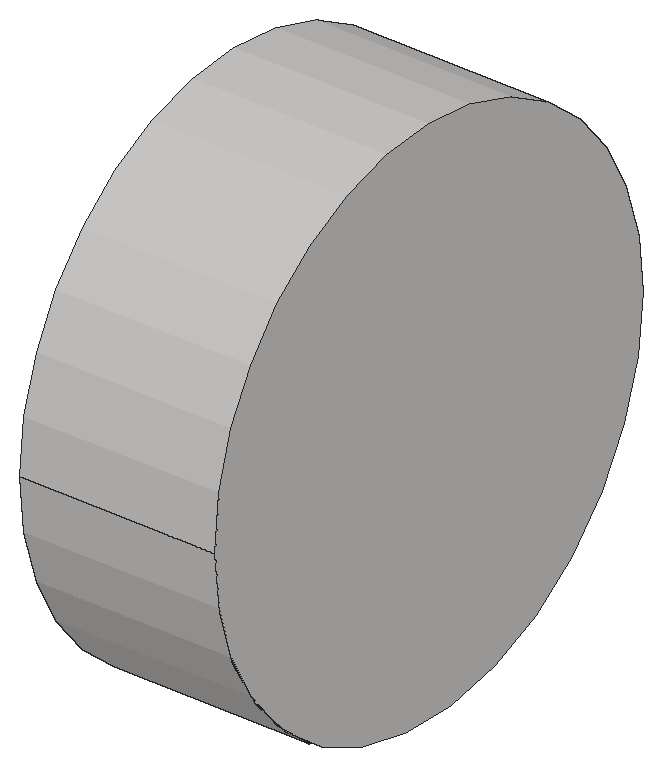
Revit family "Couplings-Regular-Champion_Couplings-No_Hub-MI-HUB_Series", category Pipe Fittings, Revit 2019
Family settings
  Round Connector Dimension = Use Diameter
  Part Type = Union
  OmniClass Number = 23.60.30.11.14
  OmniClass Title = Pipework Fittings
  Work Plane-Based = No
  Always vertical = Yes
  Cut with Voids When Loaded = No
  Shared = Yes
Parameters (values of type "MI-QHUB-10")
  Waste Connection = no
  Warranty Information = "1 Year Warranty"  # constant formula
  Vent Connection = no
  URL = "http://www.mifab.com"
  Tick Size = Fitting Outside Diameter * 0.4  # 4.400"
  Standard Listings & Approval = "CSA Approved, U.P.C. Approved"  # constant formula
  Product Page URL = "http://www.mifab.com/Catalog/No_Hub_Couplings/MI-HUB_-_Regular_Shielded_No_Hub_Couplings/index.html"
  Product Documentation Link = "http://www.mifab.com/Catalog/Library/MI-HUB-spec_sheet.pdf"
  Price = "Prices may vary. Please consult Manufacturer Representative for most up-to-date price list."  # constant formula
  Pipe Size Description = "10\""
  Pipe Outlet Connection Diameter = 10.000"
  Pipe Inlet Connection Diameter = 10.000"
  Pallet Quantity = "288"
  Number of Clamps Per Coupling = "4"
  Nominal Diameter = Pipe Inlet Connection Diameter * 0.875  # 8.750"
  Model = "MI-HUB"
  Material = "Metal-Champion Couplings-Stainless Steel"  # constant formula
  Masking Reg 2 = no
  Masking Reg 1 = yes
  Manufacturer = "Champion Couplings"  # constant formula
  List Price (Each Piece) = 141.8
  Installation Torque (IN. - LBS) = "60"
  Nominal Height = Height  # 4.000"
  Height = 4.000"
  HW Connection = no
  Fitting Outside Diameter = 11.000"
  Description = "MIFAB® Series MI-HUB (specify size) no hub couplings are manufactured with gaskets made from an elastomeric compound that meets the requirements of ASTM C-564 housed inside a Type 301 stainless steel corrugated shield. Two (2” through 4” size), four (6” through 10” size) or six (12” and 15” sizes) Type 301 stainless steel clamps tightened with 5/16” Type 305 stainless steel hex head screws surround the shield to provide the sealing force. MI-HUB Series Couplings are tested and certified to the ASTM-C1277-2009a, CISPI 310-2010, and CSA B602-2010 (File # 247608) Standards and are listed with IAPMO. Also tested and certified by Intertek Testing Services to CAN/ULC S102.2-07 “Smoke Test.”"  # constant formula
  Creation Date = "\"2/17/2016\""
  Carton Quantity = "12"
  CW Connection = yes
  Assembly Code = "D2090800"
Types (10): name | Tick Size | Pipe Size Description | Pipe Outlet Connection Diameter | Pipe Inlet Connection Diameter | Pallet Quantity | Number of Clamps Per Coupling | Nominal Diameter | List Price (Each Piece) | Nominal Height | Height | Fitting Outside Diameter | Carton Quantity
  (no name) | 4.400" | "10\"" | 10.000" | 10.000" | "288" | "4" | 8.750" | 141.8 | 4.000" | 4.000" | 11.000" | "12"
  MI-QHUB-2 | 0.880" | "2\"" | 2.000" | 2.000" | "6300" | "2" | 1.750" | 15.9 | 2.125" | 2.125" | 2.200" | "100"
  MI-QHUB-3 | 1.320" | "3\"" | 3.000" | 3.000" | "3200" | "2" | 2.625" | 19 | 2.125" | 2.125" | 3.300" | "100"
  MI-QHUB-4 | 1.760" | "4\"" | 4.000" | 4.000" | "2400" | "2" | 3.500" | 22.45 | 2.125" | 2.125" | 4.400" | "100"
  MI-QHUB-5 | 2.200" | "5\"" | 5.000" | 5.000" | "960" | "4" | 4.375" | 54.6 | 3.000" | 3.000" | 5.500" | "20"
  MI-QHUB-6 | 2.640" | "6\"" | 6.000" | 6.000" | "875" | "4" | 5.250" | 56.9 | 3.000" | 3.000" | 6.600" | "25"
  MI-QHUB-8 | 3.520" | "8\"" | 8.000" | 8.000" | "360" | "4" | 7.000" | 107.4 | 4.000" | 4.000" | 8.800" | "15"
  MI-QHUB-10 | 4.400" | "10\"" | 10.000" | 10.000" | "288" | "4" | 8.750" | 141.8 | 4.000" | 4.000" | 11.000" | "12"
  MI-QHUB-12 | 5.280" | "12\"" | 12.000" | 12.000" | "96" | "6" | 10.500" | 154.5 | 5.430" | 5.430" | 13.200" | "8"
  MI-QHUB-15 | 6.600" | "15\"" | 15.000" | 15.000" | "48" | "6" | 13.125" | 216.15 | 5.430" | 5.430" | 16.500" | "4"
Reference planes (in)
  plane 1 "Center (Front/Back)": y = 0
  plane 2: z = 0
  plane 3 "Center (Left/Right)": x = 0
  plane 4: x = -2
  plane 5: x = 2
  plane 6: x = 2
  plane 7: y = 5.5
  plane 8: y = -5.5
  plane 9: y = 4.375
  plane 10: y = -4.375
  plane 11: y = 5.5
  plane 12: y = -5.5
  plane 13: y = -4.375
  plane 14: y = 4.375
Forms (in)
  Extrusion 1, solid, material "Metal-Champion Couplings-Stainless Steel"
    sketch origin (0, 0, 0) x (0, 1, 0) y (0, 0, 1)
      loop
        circle (0, 0) r 5.5
    from -2 to 2
  Revolve 2, solid, material "Metal-Champion Couplings-Stainless Steel"
    sketch origin (0, 0, 0) x (1, 0, 0) y (0, 1, 0)
      loop
        line (0, 5.5) -> (0, 0) -> (2, 0) -> (2, 4.4) -> (1.1, 4.4) -> (0, 5.5)
      axis (0, 0) -> (2, 0)
    angle from 0 to 360
Cuts and joins
  joined: Extrusion 1, Revolve 2
Lines and regions (in)
  Masking region 1, visible <- "Masking Reg 1", detail levels fine
    outline origin (0, 0, 0) x (1, 0, 0) y (0, 1, 0)
      loop
        line (-2, 5.5) -> (-2, -5.5) -> (2, -5.5) -> (2, 5.5) -> (-2, 5.5)
  Masking region 2, visible <- "Masking Reg 2", detail levels fine
    outline origin (0, 0, 0) x (1, 0, 0) y (0, 1, 0)
      loop
        line (-2, 5.5) -> (-2, -5.5) -> (0, -5.5) -> (1.1, -4.4) -> (2, -4.4) -> (2, 4.4) -> (1.1, 4.4) -> (0, 5.5) -> (-2, 5.5)
  model lines, detail levels coarse+medium
    curve 1: line (-2, 4.4, 0) -> (-2, -4.4, 0)
    curve 2: line (2, 4.4, 0) -> (2, -4.4, 0)
    curve 3: line (2, 0, 0) -> (-2, 0, 0)
Dimensions and locks (in)
  "Height": plane 4 to plane 5
  equal spacing: plane 4, plane 3 "Center (Left/Right)", plane 5
  "Fitting Outside Diameter": Masking region 1 sketch curve to Masking region 1 sketch curve
  equal spacing: Masking region 1 sketch curve, plane 1 "Center (Front/Back)", Masking region 1 sketch curve
  "Tick Size": plane 1 "Center (Front/Back)" to curve 1
  "Tick Size": curve 1 to plane 1 "Center (Front/Back)"
  "Tick Size": plane 1 "Center (Front/Back)" to curve 2
  "Tick Size": curve 2 to plane 1 "Center (Front/Back)"
  "Nominal Height": plane 4 to plane 6
  "Fitting Outside Diameter": plane 8 to plane 7
  equal spacing: plane 8, plane 1 "Center (Front/Back)", plane 7
  "Nominal Diameter": plane 9 to plane 10
  equal spacing: plane 9, plane 1 "Center (Front/Back)", plane 10
  "Fitting Outside Diameter": plane 12 to plane 11
  equal spacing: plane 12, plane 1 "Center (Front/Back)", plane 11
  "Nominal Diameter": plane 14 to plane 13
  equal spacing: plane 14, plane 1 "Center (Front/Back)", plane 13
  "Fitting Outside Diameter": diameter of Extrusion 1 sketch curve
  locked: plane 6 to Revolve 2 sketch curve (angle 45.00°)
  locked: plane 3 "Center (Left/Right)" to Masking region 2 sketch curve (angle 45.00°)
  locked: Masking region 2 sketch curve to plane 3 "Center (Left/Right)" (angle 45.00°)
  aligned and locked: Extrusion 1 to plane 4
  aligned and locked: Masking region 1 sketch curve to Extrusion 1
  aligned and locked: curve 3 to plane 1 "Center (Front/Back)"
  aligned and locked: curve 1 to plane 4
  aligned and locked: curve 2 to plane 5
  aligned and locked: Masking region 1 sketch curve to plane 5
  aligned and locked: Extrusion 1 to plane 6
  aligned and locked: plane 3 "Center (Left/Right)" to Revolve 2 sketch curve
  aligned and locked: plane 7 to Revolve 2 sketch curve
  aligned and locked: Revolve 2 sketch curve to plane 5
  aligned and locked: curve 1 to Revolve 2 sketch curve
  aligned and locked: Revolve 2 sketch curve to plane 1 "Center (Front/Back)"
  aligned and locked: Masking region 2 sketch curve to plane 4
  aligned and locked: Masking region 2 sketch curve to plane 5
  aligned and locked: curve 1 to Masking region 2 sketch curve  (x2)
  aligned and locked: plane 3 "Center (Left/Right)" to Masking region 2 sketch curve
Automatic sketch dimensions
  Extrusion 1 sketch curve to level = 0.000"
  Extrusion 1 sketch curve to plane 1 "Center (Front/Back)" = 0.000"
  plane 1 "Center (Front/Back)" to Revolve 2 sketch curve = 0.000"
  Revolve 2 sketch curve to plane 4 = 0.250"
  Revolve 2 sketch curve to Revolve 2 sketch curve = 0.750"
  Masking region 2 sketch curve to plane 3 "Center (Left/Right)" = 0.000"
  Masking region 2 sketch curve to plane 12 = 0.000"
  plane 11 to Masking region 2 sketch curve = 0.000"
Connectors (in)
  piping at (-2, 0, 0), diameter 10, driven by "Pipe Inlet Connection Diameter"
    settings: on Extrusion 1, index 1, connector inside diameter 24", connector length 0.000", flow factor 0, pipe flow 0 GPM, pressure drop 0.00 psi, fitting loss kfactor 0, connector angle 0.00°, fixture units 0, engagement length 0.000", angle of deflection 0.00°, flow configuration 0, flow direction 0, fitting loss method 0, system type 28, joint type 0, gender type 0, connector reference index -1, connector utility 0, adjustable connector no, is connector primary yes, connector description ""
  piping at (2, 0, 0), diameter 10, driven by "Pipe Outlet Connection Diameter"
    settings: on Revolve 2, index 2, connector inside diameter 24", connector length 0.000", flow factor 0, pipe flow 0 GPM, pressure drop 0.00 psi, fitting loss kfactor 0, connector angle 0.00°, fixture units 0, engagement length 0.000", angle of deflection 0.00°, flow configuration 0, flow direction 0, fitting loss method 0, system type 28, joint type 0, gender type 0, connector reference index -1, connector utility 0, adjustable connector no, is connector primary no, connector description ""
